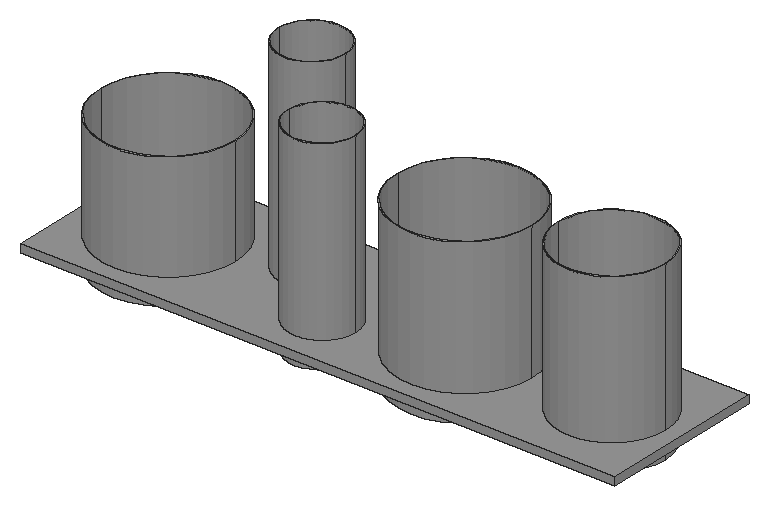
Revit family "40291 Сет из 5 вазонов «Оранжерея» Хоббика", category Антураж, Revit 2018
Family settings
  На основе рабочей плоскости = Нет
  Всегда вертикально = Да
  При загрузке вырезать с полостями = Нет
  Источник визуального образа = Геометрия семейства
  Общий = Нет
  Точка расчета площади = Нет
Parameters (values of type "Сет из 5 вазонов «Оранжерея»")
  Ширина = 620 mm  # constant formula
  Цвет каркаса = Сталь
  Цвет вазон 5 = Вазон 5
  Цвет вазон 4 = Вазон 4
  Цвет вазон 3 = Вазон 3
  Цвет вазон 2 = Вазон 2
  Цвет вазон 1 = Вазон 1
  Описание = "Сет из 5 вазонов «Оранжерея»"  # constant formula
  Материал изделия = "Сталь"  # constant formula
  Изображение типоразмера = Сет из 5 вазонов «Оранжерея» Арт 40291.jpg
  Изготовитель = "ООО «Хоббика»"  # constant formula
  Длина = 2200 mm  # constant formula
  Группа модели = "Цветочницы и уличные вазоны для цветов"  # constant formula
  Высота = 850 mm  # constant formula
  Артикул товара = "Арт. 40291"  # constant formula
  URL = "https://hobbyka.ru/product/set_iz_5_vazonov_oranzhereya"
Reference planes
  plane 1 "По центру (Вперед/Назад)": y = 0
  plane 2: z = 0
  plane 3 "По центру (Влево/Вправо)": x = 0
  plane 4: y = 620
  plane 5: x = 2200
  plane 6: z = 850
Forms (mm)
  Extrusion 1, solid, material "Сталь" <- "Цвет каркаса"
    sketch origin (0, 0, 0) x (1, 0, 0) y (0, 1, 0)
      loop
        line (0, 620) -> (0, 0) -> (2200, 0) -> (2200, 620) -> (0, 620)
      loop
        circle (1941.802, 310) r 200
      loop
        circle (1397.182, 310) r 250
      loop
        circle (744.285, 420) r 125
      loop
        circle (957.268, 200) r 125
      loop
        circle (298.377, 310) r 250
    from 70 to 100
  Extrusion 2, solid, material "Вазон 4" <- "Цвет вазон 4"
    sketch origin (0, 0, 0) x (1, 0, 0) y (0, 1, 0)
      loop
        circle (1397.182, 310) r 250
    from 0 to 600.545
  Extrusion 3, solid, material "Вазон 1" <- "Цвет вазон 1"
    sketch origin (0, 0, 0) x (1, 0, 0) y (0, 1, 0)
      loop
        circle (298.377, 310) r 250
    from 0 to 496.667
  Extrusion 4, solid, material "Вазон 2" <- "Цвет вазон 2"
    sketch origin (0, 0, 0) x (1, 0, 0) y (0, 1, 0)
      loop
        circle (744.285, 420) r 125
    from 0 to 850
  Extrusion 5, solid, material "Вазон 3" <- "Цвет вазон 3"
    sketch origin (0, 0, 0) x (1, 0, 0) y (0, 1, 0)
      loop
        circle (957.268, 200) r 125
    from 0 to 750.685
  Extrusion 6, solid, material "Вазон 5" <- "Цвет вазон 5"
    sketch origin (0, 0, 0) x (1, 0, 0) y (0, 1, 0)
      loop
        circle (1941.802, 310) r 200
    from 0 to 648.717
  Extrusion 7, void
    sketch origin (0, 0, 0) x (1, 0, 0) y (0, 1, 0)
      loop
        circle (298.377, 310) r 247.5
      loop
        circle (744.285, 420) r 122.5
      loop
        circle (957.268, 200) r 122.5
      loop
        circle (1397.182, 310) r 247.5
      loop
        circle (1941.802, 310) r 197.5
    from 2 to 850
Cuts and joins
  Extrusion 7 cuts Extrusion 2
  Extrusion 7 cuts Extrusion 3
  Extrusion 7 cuts Extrusion 4
  Extrusion 7 cuts Extrusion 5
  Extrusion 7 cuts Extrusion 6
Dimensions and locks
  "Ширина": plane 4 to plane 1 "По центру (Вперед/Назад)"
  "Длина": plane 5 to plane 3 "По центру (Влево/Вправо)"
  "Высота": plane 6 to plane 2
  aligned and locked: level to plane 2
Automatic sketch dimensions
  plane 1 "По центру (Вперед/Назад)" to Extrusion 1 sketch curve = 0 mm
  Extrusion 1 sketch curve to plane 3 "По центру (Влево/Вправо)" = 0 mm
  Extrusion 1 sketch curve to plane 5 = 0 mm
  Extrusion 1 sketch curve to plane 4 = 0 mm
  Extrusion 2 sketch curve to plane 1 "По центру (Вперед/Назад)" = 310 mm
  Extrusion 2 sketch curve to plane 5 = 802.818 mm
  plane 3 "По центру (Влево/Вправо)" to Extrusion 3 sketch curve = 298.377 mm
  Extrusion 3 sketch curve to plane 1 "По центру (Вперед/Назад)" = 310 mm
  Extrusion 4 sketch curve to plane 4 = 200 mm
  plane 3 "По центру (Влево/Вправо)" to Extrusion 4 sketch curve = 744.285 mm
  Extrusion 5 sketch curve to plane 1 "По центру (Вперед/Назад)" = 200 mm
  plane 3 "По центру (Влево/Вправо)" to Extrusion 5 sketch curve = 957.268 mm
  Extrusion 6 sketch curve to plane 5 = 258.198 mm
  Extrusion 6 sketch curve to plane 1 "По центру (Вперед/Назад)" = 310 mm
  Extrusion 1 sketch curve to plane 5 = 258.198 mm
  Extrusion 1 sketch curve to plane 1 "По центру (Вперед/Назад)" = 310 mm  (x3)
  Extrusion 1 sketch curve to Extrusion 1 sketch curve = 200 mm
  Extrusion 1 sketch curve to Extrusion 1 sketch curve = 344.62 mm
  Extrusion 1 sketch curve to Extrusion 1 sketch curve = 250 mm
  Extrusion 1 sketch curve to plane 4 = 200 mm
  Extrusion 1 sketch curve to Extrusion 1 sketch curve = 402.897 mm
  Extrusion 1 sketch curve to Extrusion 1 sketch curve = 125 mm  (x2)
  Extrusion 1 sketch curve to Extrusion 1 sketch curve = 189.914 mm
  Extrusion 1 sketch curve to plane 1 "По центру (Вперед/Назад)" = 200 mm
  Extrusion 1 sketch curve to Extrusion 1 sketch curve = 0 mm  (x2)
  plane 3 "По центру (Влево/Вправо)" to Extrusion 1 sketch curve = 298.377 mm
  plane 3 "По центру (Влево/Вправо)" to Extrusion 1 sketch curve = 48.377 mm
  plane 3 "По центру (Влево/Вправо)" to Extrusion 7 sketch curve = 298.377 mm
  Extrusion 7 sketch curve to plane 1 "По центру (Вперед/Назад)" = 310 mm  (x2)
  plane 3 "По центру (Влево/Вправо)" to Extrusion 7 sketch curve = 50.877 mm
  Extrusion 7 sketch curve to Extrusion 7 sketch curve = 198.408 mm
  Extrusion 7 sketch curve to plane 4 = 200 mm
  Extrusion 7 sketch curve to Extrusion 7 sketch curve = 122.5 mm  (x2)
  Extrusion 7 sketch curve to Extrusion 7 sketch curve = 90.482 mm
  Extrusion 7 sketch curve to plane 1 "По центру (Вперед/Назад)" = 200 mm
  Extrusion 7 sketch curve to Extrusion 7 sketch curve = 317.414 mm
  Extrusion 7 sketch curve to Extrusion 7 sketch curve = 69.914 mm
  Extrusion 7 sketch curve to Extrusion 7 sketch curve = 0 mm  (x3)
  Extrusion 7 sketch curve to plane 5 = 258.198 mm
  Extrusion 7 sketch curve to Extrusion 7 sketch curve = 99.62 mm
  radius of Extrusion 2 sketch curve = 250 mm
  radius of Extrusion 3 sketch curve = 250 mm
  radius of Extrusion 4 sketch curve = 125 mm
  radius of Extrusion 5 sketch curve = 125 mm
  radius of Extrusion 6 sketch curve = 200 mm
